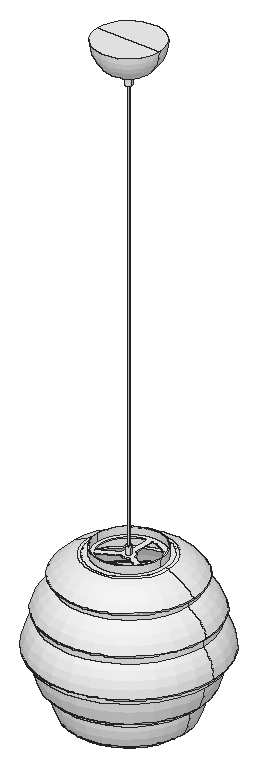
Revit family "Artek_Lighting_Pendant Light A331 “Beehive“_A331 Beehive_quick_ship", category Lighting Fixtures, Revit 2018 (continued)
Definition of nested family "A331"
  Lines and regions (mm)
    symbolic lines, detail levels fine
      curve 416: spline (1.98, 0, 109.007) -> (1.647, 0, 109.21) -> (1.337, 0, 109.807) -> (1.071, 0, 110.756) -> (0.867, 0, 111.993) -> (0.738, 0, 113.434) -> (0.694, 0, 114.979) -> (0.738, 0, 116.525) -> (0.867, 0, 117.966) -> (1.071, 0, 119.203) -> (1.337, 0, 120.152) -> (1.647, 0, 120.749) -> (1.98, 0, 120.952) -> (2.313, 0, 120.749) -> (2.623, 0, 120.152) -> (2.889, 0, 119.203) -> (3.094, 0, 117.966) -> (3.222, 0, 116.525) -> (3.266, 0, 114.979) -> (3.222, 0, 113.434) -> (3.094, 0, 111.993) -> (2.889, 0, 110.756) -> (2.623, 0, 109.807) -> (2.313, 0, 109.21) -> (1.98, 0, 109.007)
      curve 417: spline (-119.986, 0, 52.094) -> (-119.653, 0, 52.298) -> (-119.343, 0, 52.894) -> (-119.076, 0, 53.843) -> (-118.872, 0, 55.08) -> (-118.744, 0, 56.521) -> (-118.7, 0, 58.067) -> (-118.744, 0, 59.613) -> (-118.872, 0, 61.053) -> (-119.076, 0, 62.29) -> (-119.343, 0, 63.239) -> (-119.653, 0, 63.836) -> (-119.986, 0, 64.039) -> (-120.318, 0, 63.836) -> (-120.629, 0, 63.239) -> (-120.895, 0, 62.29) -> (-121.099, 0, 61.053) -> (-121.228, 0, 59.613) -> (-121.271, 0, 58.067) -> (-121.228, 0, 56.521) -> (-121.099, 0, 55.08) -> (-120.895, 0, 53.843) -> (-120.629, 0, 52.894) -> (-120.318, 0, 52.298) -> (-119.986, 0, 52.094)
      curve 418: spline (-115.914, 0, 52.094) -> (-115.581, 0, 52.298) -> (-115.271, 0, 52.894) -> (-115.005, 0, 53.843) -> (-114.801, 0, 55.08) -> (-114.672, 0, 56.521) -> (-114.628, 0, 58.067) -> (-114.672, 0, 59.613) -> (-114.801, 0, 61.053) -> (-115.005, 0, 62.29) -> (-115.271, 0, 63.239) -> (-115.581, 0, 63.836) -> (-115.914, 0, 64.039) -> (-116.247, 0, 63.836) -> (-116.557, 0, 63.239) -> (-116.823, 0, 62.29) -> (-117.028, 0, 61.053) -> (-117.156, 0, 59.613) -> (-117.2, 0, 58.067) -> (-117.156, 0, 56.521) -> (-117.028, 0, 55.08) -> (-116.823, 0, 53.843) -> (-116.557, 0, 52.894) -> (-116.247, 0, 52.298) -> (-115.914, 0, 52.094)
      curve 419: spline (-111.843, 0, 52.094) -> (-111.51, 0, 52.298) -> (-111.2, 0, 52.894) -> (-110.933, 0, 53.843) -> (-110.729, 0, 55.08) -> (-110.601, 0, 56.521) -> (-110.557, 0, 58.067) -> (-110.601, 0, 59.613) -> (-110.729, 0, 61.053) -> (-110.933, 0, 62.29) -> (-111.2, 0, 63.239) -> (-111.51, 0, 63.836) -> (-111.843, 0, 64.039) -> (-112.175, 0, 63.836) -> (-112.485, 0, 63.239) -> (-112.752, 0, 62.29) -> (-112.956, 0, 61.053) -> (-113.084, 0, 59.613) -> (-113.128, 0, 58.067) -> (-113.084, 0, 56.521) -> (-112.956, 0, 55.08) -> (-112.752, 0, 53.843) -> (-112.485, 0, 52.894) -> (-112.175, 0, 52.298) -> (-111.843, 0, 52.094)
      curve 420: spline (-107.771, 0, 52.094) -> (-107.438, 0, 52.298) -> (-107.128, 0, 52.894) -> (-106.862, 0, 53.843) -> (-106.657, 0, 55.08) -> (-106.529, 0, 56.521) -> (-106.485, 0, 58.067) -> (-106.529, 0, 59.613) -> (-106.657, 0, 61.053) -> (-106.862, 0, 62.29) -> (-107.128, 0, 63.239) -> (-107.438, 0, 63.836) -> (-107.771, 0, 64.039) -> (-108.104, 0, 63.836) -> (-108.414, 0, 63.239) -> (-108.68, 0, 62.29) -> (-108.884, 0, 61.053) -> (-109.013, 0, 59.613) -> (-109.057, 0, 58.067) -> (-109.013, 0, 56.521) -> (-108.884, 0, 55.08) -> (-108.68, 0, 53.843) -> (-108.414, 0, 52.894) -> (-108.104, 0, 52.298) -> (-107.771, 0, 52.094)
      curve 421: spline (-103.699, 0, 52.094) -> (-103.367, 0, 52.298) -> (-103.057, 0, 52.894) -> (-102.79, 0, 53.843) -> (-102.586, 0, 55.08) -> (-102.457, 0, 56.521) -> (-102.414, 0, 58.067) -> (-102.457, 0, 59.613) -> (-102.586, 0, 61.053) -> (-102.79, 0, 62.29) -> (-103.057, 0, 63.239) -> (-103.367, 0, 63.836) -> (-103.699, 0, 64.039) -> (-104.032, 0, 63.836) -> (-104.342, 0, 63.239) -> (-104.609, 0, 62.29) -> (-104.813, 0, 61.053) -> (-104.941, 0, 59.613) -> (-104.985, 0, 58.067) -> (-104.941, 0, 56.521) -> (-104.813, 0, 55.08) -> (-104.609, 0, 53.843) -> (-104.342, 0, 52.894) -> (-104.032, 0, 52.298) -> (-103.699, 0, 52.094)
      curve 422: spline (-99.628, 0, 52.094) -> (-99.295, 0, 52.298) -> (-98.985, 0, 52.894) -> (-98.719, 0, 53.843) -> (-98.514, 0, 55.08) -> (-98.386, 0, 56.521) -> (-98.342, 0, 58.067) -> (-98.386, 0, 59.613) -> (-98.514, 0, 61.053) -> (-98.719, 0, 62.29) -> (-98.985, 0, 63.239) -> (-99.295, 0, 63.836) -> (-99.628, 0, 64.039) -> (-99.961, 0, 63.836) -> (-100.271, 0, 63.239) -> (-100.537, 0, 62.29) -> (-100.741, 0, 61.053) -> (-100.87, 0, 59.613) -> (-100.914, 0, 58.067) -> (-100.87, 0, 56.521) -> (-100.741, 0, 55.08) -> (-100.537, 0, 53.843) -> (-100.271, 0, 52.894) -> (-99.961, 0, 52.298) -> (-99.628, 0, 52.094)
      curve 423: spline (-95.556, 0, 52.094) -> (-95.223, 0, 52.298) -> (-94.913, 0, 52.894) -> (-94.647, 0, 53.843) -> (-94.443, 0, 55.08) -> (-94.314, 0, 56.521) -> (-94.27, 0, 58.067) -> (-94.314, 0, 59.613) -> (-94.443, 0, 61.053) -> (-94.647, 0, 62.29) -> (-94.913, 0, 63.239) -> (-95.223, 0, 63.836) -> (-95.556, 0, 64.039) -> (-95.889, 0, 63.836) -> (-96.199, 0, 63.239) -> (-96.465, 0, 62.29) -> (-96.67, 0, 61.053) -> (-96.798, 0, 59.613) -> (-96.842, 0, 58.067) -> (-96.798, 0, 56.521) -> (-96.67, 0, 55.08) -> (-96.465, 0, 53.843) -> (-96.199, 0, 52.894) -> (-95.889, 0, 52.298) -> (-95.556, 0, 52.094)
      curve 424: spline (-91.485, 0, 52.094) -> (-91.152, 0, 52.298) -> (-90.842, 0, 52.894) -> (-90.576, 0, 53.843) -> (-90.371, 0, 55.08) -> (-90.243, 0, 56.521) -> (-90.199, 0, 58.067) -> (-90.243, 0, 59.613) -> (-90.371, 0, 61.053) -> (-90.576, 0, 62.29) -> (-90.842, 0, 63.239) -> (-91.152, 0, 63.836) -> (-91.485, 0, 64.039) -> (-91.818, 0, 63.836) -> (-92.128, 0, 63.239) -> (-92.394, 0, 62.29) -> (-92.598, 0, 61.053) -> (-92.727, 0, 59.613) -> (-92.77, 0, 58.067) -> (-92.727, 0, 56.521) -> (-92.598, 0, 55.08) -> (-92.394, 0, 53.843) -> (-92.128, 0, 52.894) -> (-91.818, 0, 52.298) -> (-91.485, 0, 52.094)
      curve 425: spline (-87.413, 0, 52.094) -> (-87.08, 0, 52.298) -> (-86.77, 0, 52.894) -> (-86.504, 0, 53.843) -> (-86.3, 0, 55.08) -> (-86.171, 0, 56.521) -> (-86.127, 0, 58.067) -> (-86.171, 0, 59.613) -> (-86.3, 0, 61.053) -> (-86.504, 0, 62.29) -> (-86.77, 0, 63.239) -> (-87.08, 0, 63.836) -> (-87.413, 0, 64.039) -> (-87.746, 0, 63.836) -> (-88.056, 0, 63.239) -> (-88.322, 0, 62.29) -> (-88.527, 0, 61.053) -> (-88.655, 0, 59.613) -> (-88.699, 0, 58.067) -> (-88.655, 0, 56.521) -> (-88.527, 0, 55.08) -> (-88.322, 0, 53.843) -> (-88.056, 0, 52.894) -> (-87.746, 0, 52.298) -> (-87.413, 0, 52.094)
      curve 426: spline (-83.342, 0, 52.094) -> (-83.009, 0, 52.298) -> (-82.699, 0, 52.894) -> (-82.432, 0, 53.843) -> (-82.228, 0, 55.08) -> (-82.1, 0, 56.521) -> (-82.056, 0, 58.067) -> (-82.1, 0, 59.613) -> (-82.228, 0, 61.053) -> (-82.432, 0, 62.29) -> (-82.699, 0, 63.239) -> (-83.009, 0, 63.836) -> (-83.342, 0, 64.039) -> (-83.674, 0, 63.836) -> (-83.984, 0, 63.239) -> (-84.251, 0, 62.29) -> (-84.455, 0, 61.053) -> (-84.584, 0, 59.613) -> (-84.627, 0, 58.067) -> (-84.584, 0, 56.521) -> (-84.455, 0, 55.08) -> (-84.251, 0, 53.843) -> (-83.984, 0, 52.894) -> (-83.674, 0, 52.298) -> (-83.342, 0, 52.094)
      curve 427: spline (-79.27, 0, 52.094) -> (-78.937, 0, 52.298) -> (-78.627, 0, 52.894) -> (-78.361, 0, 53.843) -> (-78.157, 0, 55.08) -> (-78.028, 0, 56.521) -> (-77.984, 0, 58.067) -> (-78.028, 0, 59.613) -> (-78.157, 0, 61.053) -> (-78.361, 0, 62.29) -> (-78.627, 0, 63.239) -> (-78.937, 0, 63.836) -> (-79.27, 0, 64.039) -> (-79.603, 0, 63.836) -> (-79.913, 0, 63.239) -> (-80.179, 0, 62.29) -> (-80.384, 0, 61.053) -> (-80.512, 0, 59.613) -> (-80.556, 0, 58.067) -> (-80.512, 0, 56.521) -> (-80.384, 0, 55.08) -> (-80.179, 0, 53.843) -> (-79.913, 0, 52.894) -> (-79.603, 0, 52.298) -> (-79.27, 0, 52.094)
      curve 428: spline (-75.198, 0, 52.094) -> (-74.866, 0, 52.298) -> (-74.556, 0, 52.894) -> (-74.289, 0, 53.843) -> (-74.085, 0, 55.08) -> (-73.957, 0, 56.521) -> (-73.913, 0, 58.067) -> (-73.957, 0, 59.613) -> (-74.085, 0, 61.053) -> (-74.289, 0, 62.29) -> (-74.556, 0, 63.239) -> (-74.866, 0, 63.836) -> (-75.198, 0, 64.039) -> (-75.531, 0, 63.836) -> (-75.841, 0, 63.239) -> (-76.108, 0, 62.29) -> (-76.312, 0, 61.053) -> (-76.44, 0, 59.613) -> (-76.484, 0, 58.067) -> (-76.44, 0, 56.521) -> (-76.312, 0, 55.08) -> (-76.108, 0, 53.843) -> (-75.841, 0, 52.894) -> (-75.531, 0, 52.298) -> (-75.198, 0, 52.094)
      curve 429: spline (-71.127, 0, 52.094) -> (-70.794, 0, 52.298) -> (-70.484, 0, 52.894) -> (-70.218, 0, 53.843) -> (-70.013, 0, 55.08) -> (-69.885, 0, 56.521) -> (-69.841, 0, 58.067) -> (-69.885, 0, 59.613) -> (-70.013, 0, 61.053) -> (-70.218, 0, 62.29) -> (-70.484, 0, 63.239) -> (-70.794, 0, 63.836) -> (-71.127, 0, 64.039) -> (-71.46, 0, 63.836) -> (-71.77, 0, 63.239) -> (-72.036, 0, 62.29) -> (-72.24, 0, 61.053) -> (-72.369, 0, 59.613) -> (-72.413, 0, 58.067) -> (-72.369, 0, 56.521) -> (-72.24, 0, 55.08) -> (-72.036, 0, 53.843) -> (-71.77, 0, 52.894) -> (-71.46, 0, 52.298) -> (-71.127, 0, 52.094)
      curve 430: spline (-67.055, 0, 52.094) -> (-66.723, 0, 52.298) -> (-66.412, 0, 52.894) -> (-66.146, 0, 53.843) -> (-65.942, 0, 55.08) -> (-65.813, 0, 56.521) -> (-65.77, 0, 58.067) -> (-65.813, 0, 59.613) -> (-65.942, 0, 61.053) -> (-66.146, 0, 62.29) -> (-66.412, 0, 63.239) -> (-66.723, 0, 63.836) -> (-67.055, 0, 64.039) -> (-67.388, 0, 63.836) -> (-67.698, 0, 63.239) -> (-67.965, 0, 62.29) -> (-68.169, 0, 61.053) -> (-68.297, 0, 59.613) -> (-68.341, 0, 58.067) -> (-68.297, 0, 56.521) -> (-68.169, 0, 55.08) -> (-67.965, 0, 53.843) -> (-67.698, 0, 52.894) -> (-67.388, 0, 52.298) -> (-67.055, 0, 52.094)
      curve 431: spline (-62.984, 0, 52.094) -> (-62.651, 0, 52.298) -> (-62.341, 0, 52.894) -> (-62.075, 0, 53.843) -> (-61.87, 0, 55.08) -> (-61.742, 0, 56.521) -> (-61.698, 0, 58.067) -> (-61.742, 0, 59.613) -> (-61.87, 0, 61.053) -> (-62.075, 0, 62.29) -> (-62.341, 0, 63.239) -> (-62.651, 0, 63.836) -> (-62.984, 0, 64.039) -> (-63.317, 0, 63.836) -> (-63.627, 0, 63.239) -> (-63.893, 0, 62.29) -> (-64.097, 0, 61.053) -> (-64.226, 0, 59.613) -> (-64.27, 0, 58.067) -> (-64.226, 0, 56.521) -> (-64.097, 0, 55.08) -> (-63.893, 0, 53.843) -> (-63.627, 0, 52.894) -> (-63.317, 0, 52.298) -> (-62.984, 0, 52.094)
      curve 432: spline (-58.912, 0, 52.094) -> (-58.579, 0, 52.298) -> (-58.269, 0, 52.894) -> (-58.003, 0, 53.843) -> (-57.799, 0, 55.08) -> (-57.67, 0, 56.521) -> (-57.626, 0, 58.067) -> (-57.67, 0, 59.613) -> (-57.799, 0, 61.053) -> (-58.003, 0, 62.29) -> (-58.269, 0, 63.239) -> (-58.579, 0, 63.836) -> (-58.912, 0, 64.039) -> (-59.245, 0, 63.836) -> (-59.555, 0, 63.239) -> (-59.821, 0, 62.29) -> (-60.026, 0, 61.053) -> (-60.154, 0, 59.613) -> (-60.198, 0, 58.067) -> (-60.154, 0, 56.521) -> (-60.026, 0, 55.08) -> (-59.821, 0, 53.843) -> (-59.555, 0, 52.894) -> (-59.245, 0, 52.298) -> (-58.912, 0, 52.094)
      curve 433: spline (-54.841, 0, 52.094) -> (-54.508, 0, 52.298) -> (-54.198, 0, 52.894) -> (-53.932, 0, 53.843) -> (-53.727, 0, 55.08) -> (-53.599, 0, 56.521) -> (-53.555, 0, 58.067) -> (-53.599, 0, 59.613) -> (-53.727, 0, 61.053) -> (-53.932, 0, 62.29) -> (-54.198, 0, 63.239) -> (-54.508, 0, 63.836) -> (-54.841, 0, 64.039) -> (-55.173, 0, 63.836) -> (-55.484, 0, 63.239) -> (-55.75, 0, 62.29) -> (-55.954, 0, 61.053) -> (-56.083, 0, 59.613) -> (-56.126, 0, 58.067) -> (-56.083, 0, 56.521) -> (-55.954, 0, 55.08) -> (-55.75, 0, 53.843) -> (-55.484, 0, 52.894) -> (-55.173, 0, 52.298) -> (-54.841, 0, 52.094)
      curve 434: spline (-50.769, 0, 52.094) -> (-50.436, 0, 52.298) -> (-50.126, 0, 52.894) -> (-49.86, 0, 53.843) -> (-49.656, 0, 55.08) -> (-49.527, 0, 56.521) -> (-49.483, 0, 58.067) -> (-49.527, 0, 59.613) -> (-49.656, 0, 61.053) -> (-49.86, 0, 62.29) -> (-50.126, 0, 63.239) -> (-50.436, 0, 63.836) -> (-50.769, 0, 64.039) -> (-51.102, 0, 63.836) -> (-51.412, 0, 63.239) -> (-51.678, 0, 62.29) -> (-51.883, 0, 61.053) -> (-52.011, 0, 59.613) -> (-52.055, 0, 58.067) -> (-52.011, 0, 56.521) -> (-51.883, 0, 55.08) -> (-51.678, 0, 53.843) -> (-51.412, 0, 52.894) -> (-51.102, 0, 52.298) -> (-50.769, 0, 52.094)
      curve 435: spline (-46.698, 0, 52.094) -> (-46.365, 0, 52.298) -> (-46.055, 0, 52.894) -> (-45.788, 0, 53.843) -> (-45.584, 0, 55.08) -> (-45.456, 0, 56.521) -> (-45.412, 0, 58.067) -> (-45.456, 0, 59.613) -> (-45.584, 0, 61.053) -> (-45.788, 0, 62.29) -> (-46.055, 0, 63.239) -> (-46.365, 0, 63.836) -> (-46.698, 0, 64.039) -> (-47.03, 0, 63.836) -> (-47.34, 0, 63.239) -> (-47.607, 0, 62.29) -> (-47.811, 0, 61.053) -> (-47.94, 0, 59.613) -> (-47.983, 0, 58.067) -> (-47.94, 0, 56.521) -> (-47.811, 0, 55.08) -> (-47.607, 0, 53.843) -> (-47.34, 0, 52.894) -> (-47.03, 0, 52.298) -> (-46.698, 0, 52.094)
      curve 436: spline (-42.626, 0, 52.094) -> (-42.293, 0, 52.298) -> (-41.983, 0, 52.894) -> (-41.717, 0, 53.843) -> (-41.512, 0, 55.08) -> (-41.384, 0, 56.521) -> (-41.34, 0, 58.067) -> (-41.384, 0, 59.613) -> (-41.512, 0, 61.053) -> (-41.717, 0, 62.29) -> (-41.983, 0, 63.239) -> (-42.293, 0, 63.836) -> (-42.626, 0, 64.039) -> (-42.959, 0, 63.836) -> (-43.269, 0, 63.239) -> (-43.535, 0, 62.29) -> (-43.74, 0, 61.053) -> (-43.868, 0, 59.613) -> (-43.912, 0, 58.067) -> (-43.868, 0, 56.521) -> (-43.74, 0, 55.08) -> (-43.535, 0, 53.843) -> (-43.269, 0, 52.894) -> (-42.959, 0, 52.298) -> (-42.626, 0, 52.094)
      curve 437: spline (-38.554, 0, 52.094) -> (-38.222, 0, 52.298) -> (-37.912, 0, 52.894) -> (-37.645, 0, 53.843) -> (-37.441, 0, 55.08) -> (-37.312, 0, 56.521) -> (-37.269, 0, 58.067) -> (-37.312, 0, 59.613) -> (-37.441, 0, 61.053) -> (-37.645, 0, 62.29) -> (-37.912, 0, 63.239) -> (-38.222, 0, 63.836) -> (-38.554, 0, 64.039) -> (-38.887, 0, 63.836) -> (-39.197, 0, 63.239) -> (-39.464, 0, 62.29) -> (-39.668, 0, 61.053) -> (-39.796, 0, 59.613) -> (-39.84, 0, 58.067) -> (-39.796, 0, 56.521) -> (-39.668, 0, 55.08) -> (-39.464, 0, 53.843) -> (-39.197, 0, 52.894) -> (-38.887, 0, 52.298) -> (-38.554, 0, 52.094)
      curve 438: spline (-34.483, 0, 52.094) -> (-34.15, 0, 52.298) -> (-33.84, 0, 52.894) -> (-33.574, 0, 53.843) -> (-33.369, 0, 55.08) -> (-33.241, 0, 56.521) -> (-33.197, 0, 58.067) -> (-33.241, 0, 59.613) -> (-33.369, 0, 61.053) -> (-33.574, 0, 62.29) -> (-33.84, 0, 63.239) -> (-34.15, 0, 63.836) -> (-34.483, 0, 64.039) -> (-34.816, 0, 63.836) -> (-35.126, 0, 63.239) -> (-35.392, 0, 62.29) -> (-35.596, 0, 61.053) -> (-35.725, 0, 59.613) -> (-35.769, 0, 58.067) -> (-35.725, 0, 56.521) -> (-35.596, 0, 55.08) -> (-35.392, 0, 53.843) -> (-35.126, 0, 52.894) -> (-34.816, 0, 52.298) -> (-34.483, 0, 52.094)
      curve 439: spline (-30.411, 0, 52.094) -> (-30.079, 0, 52.298) -> (-29.768, 0, 52.894) -> (-29.502, 0, 53.843) -> (-29.298, 0, 55.08) -> (-29.169, 0, 56.521) -> (-29.126, 0, 58.067) -> (-29.169, 0, 59.613) -> (-29.298, 0, 61.053) -> (-29.502, 0, 62.29) -> (-29.768, 0, 63.239) -> (-30.079, 0, 63.836) -> (-30.411, 0, 64.039) -> (-30.744, 0, 63.836) -> (-31.054, 0, 63.239) -> (-31.321, 0, 62.29) -> (-31.525, 0, 61.053) -> (-31.653, 0, 59.613) -> (-31.697, 0, 58.067) -> (-31.653, 0, 56.521) -> (-31.525, 0, 55.08) -> (-31.321, 0, 53.843) -> (-31.054, 0, 52.894) -> (-30.744, 0, 52.298) -> (-30.411, 0, 52.094)
      curve 440: spline (-26.34, 0, 52.094) -> (-26.007, 0, 52.298) -> (-25.697, 0, 52.894) -> (-25.431, 0, 53.843) -> (-25.226, 0, 55.08) -> (-25.098, 0, 56.521) -> (-25.054, 0, 58.067) -> (-25.098, 0, 59.613) -> (-25.226, 0, 61.053) -> (-25.431, 0, 62.29) -> (-25.697, 0, 63.239) -> (-26.007, 0, 63.836) -> (-26.34, 0, 64.039) -> (-26.673, 0, 63.836) -> (-26.983, 0, 63.239) -> (-27.249, 0, 62.29) -> (-27.453, 0, 61.053) -> (-27.582, 0, 59.613) -> (-27.626, 0, 58.067) -> (-27.582, 0, 56.521) -> (-27.453, 0, 55.08) -> (-27.249, 0, 53.843) -> (-26.983, 0, 52.894) -> (-26.673, 0, 52.298) -> (-26.34, 0, 52.094)
      curve 441: spline (-22.268, 0, 52.094) -> (-21.935, 0, 52.298) -> (-21.625, 0, 52.894) -> (-21.359, 0, 53.843) -> (-21.155, 0, 55.08) -> (-21.026, 0, 56.521) -> (-20.982, 0, 58.067) -> (-21.026, 0, 59.613) -> (-21.155, 0, 61.053) -> (-21.359, 0, 62.29) -> (-21.625, 0, 63.239) -> (-21.935, 0, 63.836) -> (-22.268, 0, 64.039) -> (-22.601, 0, 63.836) -> (-22.911, 0, 63.239) -> (-23.177, 0, 62.29) -> (-23.382, 0, 61.053) -> (-23.51, 0, 59.613) -> (-23.554, 0, 58.067) -> (-23.51, 0, 56.521) -> (-23.382, 0, 55.08) -> (-23.177, 0, 53.843) -> (-22.911, 0, 52.894) -> (-22.601, 0, 52.298) -> (-22.268, 0, 52.094)
      curve 442: spline (-18.197, 0, 52.094) -> (-17.864, 0, 52.298) -> (-17.554, 0, 52.894) -> (-17.287, 0, 53.843) -> (-17.083, 0, 55.08) -> (-16.955, 0, 56.521) -> (-16.911, 0, 58.067) -> (-16.955, 0, 59.613) -> (-17.083, 0, 61.053) -> (-17.287, 0, 62.29) -> (-17.554, 0, 63.239) -> (-17.864, 0, 63.836) -> (-18.197, 0, 64.039) -> (-18.529, 0, 63.836) -> (-18.84, 0, 63.239) -> (-19.106, 0, 62.29) -> (-19.31, 0, 61.053) -> (-19.439, 0, 59.613) -> (-19.482, 0, 58.067) -> (-19.439, 0, 56.521) -> (-19.31, 0, 55.08) -> (-19.106, 0, 53.843) -> (-18.84, 0, 52.894) -> (-18.529, 0, 52.298) -> (-18.197, 0, 52.094)
      curve 443: spline (-14.125, 0, 52.094) -> (-13.792, 0, 52.298) -> (-13.482, 0, 52.894) -> (-13.216, 0, 53.843) -> (-13.012, 0, 55.08) -> (-12.883, 0, 56.521) -> (-12.839, 0, 58.067) -> (-12.883, 0, 59.613) -> (-13.012, 0, 61.053) -> (-13.216, 0, 62.29) -> (-13.482, 0, 63.239) -> (-13.792, 0, 63.836) -> (-14.125, 0, 64.039) -> (-14.458, 0, 63.836) -> (-14.768, 0, 63.239) -> (-15.034, 0, 62.29) -> (-15.239, 0, 61.053) -> (-15.367, 0, 59.613) -> (-15.411, 0, 58.067) -> (-15.367, 0, 56.521) -> (-15.239, 0, 55.08) -> (-15.034, 0, 53.843) -> (-14.768, 0, 52.894) -> (-14.458, 0, 52.298) -> (-14.125, 0, 52.094)
      curve 444: spline (-10.054, 0, 52.094) -> (-9.721, 0, 52.298) -> (-9.411, 0, 52.894) -> (-9.144, 0, 53.843) -> (-8.94, 0, 55.08) -> (-8.812, 0, 56.521) -> (-8.768, 0, 58.067) -> (-8.812, 0, 59.613) -> (-8.94, 0, 61.053) -> (-9.144, 0, 62.29) -> (-9.411, 0, 63.239) -> (-9.721, 0, 63.836) -> (-10.054, 0, 64.039) -> (-10.386, 0, 63.836) -> (-10.696, 0, 63.239) -> (-10.963, 0, 62.29) -> (-11.167, 0, 61.053) -> (-11.296, 0, 59.613) -> (-11.339, 0, 58.067) -> (-11.296, 0, 56.521) -> (-11.167, 0, 55.08) -> (-10.963, 0, 53.843) -> (-10.696, 0, 52.894) -> (-10.386, 0, 52.298) -> (-10.054, 0, 52.094)
      curve 445: spline (-5.982, 0, 52.094) -> (-5.649, 0, 52.298) -> (-5.339, 0, 52.894) -> (-5.073, 0, 53.843) -> (-4.868, 0, 55.08) -> (-4.74, 0, 56.521) -> (-4.696, 0, 58.067) -> (-4.74, 0, 59.613) -> (-4.868, 0, 61.053) -> (-5.073, 0, 62.29) -> (-5.339, 0, 63.239) -> (-5.649, 0, 63.836) -> (-5.982, 0, 64.039) -> (-6.315, 0, 63.836) -> (-6.625, 0, 63.239) -> (-6.891, 0, 62.29) -> (-7.095, 0, 61.053) -> (-7.224, 0, 59.613) -> (-7.268, 0, 58.067) -> (-7.224, 0, 56.521) -> (-7.095, 0, 55.08) -> (-6.891, 0, 53.843) -> (-6.625, 0, 52.894) -> (-6.315, 0, 52.298) -> (-5.982, 0, 52.094)
      curve 446: spline (-1.91, 0, 52.094) -> (-1.578, 0, 52.298) -> (-1.268, 0, 52.894) -> (-1.001, 0, 53.843) -> (-0.797, 0, 55.08) -> (-0.668, 0, 56.521) -> (-0.625, 0, 58.067) -> (-0.668, 0, 59.613) -> (-0.797, 0, 61.053) -> (-1.001, 0, 62.29) -> (-1.268, 0, 63.239) -> (-1.578, 0, 63.836) -> (-1.91, 0, 64.039) -> (-2.243, 0, 63.836) -> (-2.553, 0, 63.239) -> (-2.82, 0, 62.29) -> (-3.024, 0, 61.053) -> (-3.152, 0, 59.613) -> (-3.196, 0, 58.067) -> (-3.152, 0, 56.521) -> (-3.024, 0, 55.08) -> (-2.82, 0, 53.843) -> (-2.553, 0, 52.894) -> (-2.243, 0, 52.298) -> (-1.91, 0, 52.094)
      curve 447: spline (119.986, 0, 52.094) -> (119.653, 0, 52.298) -> (119.343, 0, 52.894) -> (119.076, 0, 53.843) -> (118.872, 0, 55.08) -> (118.744, 0, 56.521) -> (118.7, 0, 58.067) -> (118.744, 0, 59.613) -> (118.872, 0, 61.053) -> (119.076, 0, 62.29) -> (119.343, 0, 63.239) -> (119.653, 0, 63.836) -> (119.986, 0, 64.039) -> (120.318, 0, 63.836) -> (120.629, 0, 63.239) -> (120.895, 0, 62.29) -> (121.099, 0, 61.053) -> (121.228, 0, 59.613) -> (121.271, 0, 58.067) -> (121.228, 0, 56.521) -> (121.099, 0, 55.08) -> (120.895, 0, 53.843) -> (120.629, 0, 52.894) -> (120.318, 0, 52.298) -> (119.986, 0, 52.094)
      curve 448: spline (115.914, 0, 52.094) -> (115.581, 0, 52.298) -> (115.271, 0, 52.894) -> (115.005, 0, 53.843) -> (114.801, 0, 55.08) -> (114.672, 0, 56.521) -> (114.628, 0, 58.067) -> (114.672, 0, 59.613) -> (114.801, 0, 61.053) -> (115.005, 0, 62.29) -> (115.271, 0, 63.239) -> (115.581, 0, 63.836) -> (115.914, 0, 64.039) -> (116.247, 0, 63.836) -> (116.557, 0, 63.239) -> (116.823, 0, 62.29) -> (117.028, 0, 61.053) -> (117.156, 0, 59.613) -> (117.2, 0, 58.067) -> (117.156, 0, 56.521) -> (117.028, 0, 55.08) -> (116.823, 0, 53.843) -> (116.557, 0, 52.894) -> (116.247, 0, 52.298) -> (115.914, 0, 52.094)
      curve 449: spline (111.843, 0, 52.094) -> (111.51, 0, 52.298) -> (111.2, 0, 52.894) -> (110.933, 0, 53.843) -> (110.729, 0, 55.08) -> (110.601, 0, 56.521) -> (110.557, 0, 58.067) -> (110.601, 0, 59.613) -> (110.729, 0, 61.053) -> (110.933, 0, 62.29) -> (111.2, 0, 63.239) -> (111.51, 0, 63.836) -> (111.843, 0, 64.039) -> (112.175, 0, 63.836) -> (112.485, 0, 63.239) -> (112.752, 0, 62.29) -> (112.956, 0, 61.053) -> (113.084, 0, 59.613) -> (113.128, 0, 58.067) -> (113.084, 0, 56.521) -> (112.956, 0, 55.08) -> (112.752, 0, 53.843) -> (112.485, 0, 52.894) -> (112.175, 0, 52.298) -> (111.843, 0, 52.094)
      curve 450: spline (107.771, 0, 52.094) -> (107.438, 0, 52.298) -> (107.128, 0, 52.894) -> (106.862, 0, 53.843) -> (106.657, 0, 55.08) -> (106.529, 0, 56.521) -> (106.485, 0, 58.067) -> (106.529, 0, 59.613) -> (106.657, 0, 61.053) -> (106.862, 0, 62.29) -> (107.128, 0, 63.239) -> (107.438, 0, 63.836) -> (107.771, 0, 64.039) -> (108.104, 0, 63.836) -> (108.414, 0, 63.239) -> (108.68, 0, 62.29) -> (108.884, 0, 61.053) -> (109.013, 0, 59.613) -> (109.057, 0, 58.067) -> (109.013, 0, 56.521) -> (108.884, 0, 55.08) -> (108.68, 0, 53.843) -> (108.414, 0, 52.894) -> (108.104, 0, 52.298) -> (107.771, 0, 52.094)
      curve 451: spline (103.699, 0, 52.094) -> (103.367, 0, 52.298) -> (103.057, 0, 52.894) -> (102.79, 0, 53.843) -> (102.586, 0, 55.08) -> (102.457, 0, 56.521) -> (102.414, 0, 58.067) -> (102.457, 0, 59.613) -> (102.586, 0, 61.053) -> (102.79, 0, 62.29) -> (103.057, 0, 63.239) -> (103.367, 0, 63.836) -> (103.699, 0, 64.039) -> (104.032, 0, 63.836) -> (104.342, 0, 63.239) -> (104.609, 0, 62.29) -> (104.813, 0, 61.053) -> (104.941, 0, 59.613) -> (104.985, 0, 58.067) -> (104.941, 0, 56.521) -> (104.813, 0, 55.08) -> (104.609, 0, 53.843) -> (104.342, 0, 52.894) -> (104.032, 0, 52.298) -> (103.699, 0, 52.094)
      curve 452: spline (99.628, 0, 52.094) -> (99.295, 0, 52.298) -> (98.985, 0, 52.894) -> (98.719, 0, 53.843) -> (98.514, 0, 55.08) -> (98.386, 0, 56.521) -> (98.342, 0, 58.067) -> (98.386, 0, 59.613) -> (98.514, 0, 61.053) -> (98.719, 0, 62.29) -> (98.985, 0, 63.239) -> (99.295, 0, 63.836) -> (99.628, 0, 64.039) -> (99.961, 0, 63.836) -> (100.271, 0, 63.239) -> (100.537, 0, 62.29) -> (100.741, 0, 61.053) -> (100.87, 0, 59.613) -> (100.914, 0, 58.067) -> (100.87, 0, 56.521) -> (100.741, 0, 55.08) -> (100.537, 0, 53.843) -> (100.271, 0, 52.894) -> (99.961, 0, 52.298) -> (99.628, 0, 52.094)
      curve 453: spline (95.556, 0, 52.094) -> (95.223, 0, 52.298) -> (94.913, 0, 52.894) -> (94.647, 0, 53.843) -> (94.443, 0, 55.08) -> (94.314, 0, 56.521) -> (94.27, 0, 58.067) -> (94.314, 0, 59.613) -> (94.443, 0, 61.053) -> (94.647, 0, 62.29) -> (94.913, 0, 63.239) -> (95.223, 0, 63.836) -> (95.556, 0, 64.039) -> (95.889, 0, 63.836) -> (96.199, 0, 63.239) -> (96.465, 0, 62.29) -> (96.67, 0, 61.053) -> (96.798, 0, 59.613) -> (96.842, 0, 58.067) -> (96.798, 0, 56.521) -> (96.67, 0, 55.08) -> (96.465, 0, 53.843) -> (96.199, 0, 52.894) -> (95.889, 0, 52.298) -> (95.556, 0, 52.094)
      curve 454: spline (91.485, 0, 52.094) -> (91.152, 0, 52.298) -> (90.842, 0, 52.894) -> (90.576, 0, 53.843) -> (90.371, 0, 55.08) -> (90.243, 0, 56.521) -> (90.199, 0, 58.067) -> (90.243, 0, 59.613) -> (90.371, 0, 61.053) -> (90.576, 0, 62.29) -> (90.842, 0, 63.239) -> (91.152, 0, 63.836) -> (91.485, 0, 64.039) -> (91.818, 0, 63.836) -> (92.128, 0, 63.239) -> (92.394, 0, 62.29) -> (92.598, 0, 61.053) -> (92.727, 0, 59.613) -> (92.77, 0, 58.067) -> (92.727, 0, 56.521) -> (92.598, 0, 55.08) -> (92.394, 0, 53.843) -> (92.128, 0, 52.894) -> (91.818, 0, 52.298) -> (91.485, 0, 52.094)
      curve 455: spline (87.413, 0, 52.094) -> (87.08, 0, 52.298) -> (86.77, 0, 52.894) -> (86.504, 0, 53.843) -> (86.3, 0, 55.08) -> (86.171, 0, 56.521) -> (86.127, 0, 58.067) -> (86.171, 0, 59.613) -> (86.3, 0, 61.053) -> (86.504, 0, 62.29) -> (86.77, 0, 63.239) -> (87.08, 0, 63.836) -> (87.413, 0, 64.039) -> (87.746, 0, 63.836) -> (88.056, 0, 63.239) -> (88.322, 0, 62.29) -> (88.527, 0, 61.053) -> (88.655, 0, 59.613) -> (88.699, 0, 58.067) -> (88.655, 0, 56.521) -> (88.527, 0, 55.08) -> (88.322, 0, 53.843) -> (88.056, 0, 52.894) -> (87.746, 0, 52.298) -> (87.413, 0, 52.094)
      curve 456: spline (83.342, 0, 52.094) -> (83.009, 0, 52.298) -> (82.699, 0, 52.894) -> (82.432, 0, 53.843) -> (82.228, 0, 55.08) -> (82.1, 0, 56.521) -> (82.056, 0, 58.067) -> (82.1, 0, 59.613) -> (82.228, 0, 61.053) -> (82.432, 0, 62.29) -> (82.699, 0, 63.239) -> (83.009, 0, 63.836) -> (83.342, 0, 64.039) -> (83.674, 0, 63.836) -> (83.984, 0, 63.239) -> (84.251, 0, 62.29) -> (84.455, 0, 61.053) -> (84.584, 0, 59.613) -> (84.627, 0, 58.067) -> (84.584, 0, 56.521) -> (84.455, 0, 55.08) -> (84.251, 0, 53.843) -> (83.984, 0, 52.894) -> (83.674, 0, 52.298) -> (83.342, 0, 52.094)
      curve 457: spline (79.27, 0, 52.094) -> (78.937, 0, 52.298) -> (78.627, 0, 52.894) -> (78.361, 0, 53.843) -> (78.157, 0, 55.08) -> (78.028, 0, 56.521) -> (77.984, 0, 58.067) -> (78.028, 0, 59.613) -> (78.157, 0, 61.053) -> (78.361, 0, 62.29) -> (78.627, 0, 63.239) -> (78.937, 0, 63.836) -> (79.27, 0, 64.039) -> (79.603, 0, 63.836) -> (79.913, 0, 63.239) -> (80.179, 0, 62.29) -> (80.384, 0, 61.053) -> (80.512, 0, 59.613) -> (80.556, 0, 58.067) -> (80.512, 0, 56.521) -> (80.384, 0, 55.08) -> (80.179, 0, 53.843) -> (79.913, 0, 52.894) -> (79.603, 0, 52.298) -> (79.27, 0, 52.094)
      curve 458: spline (75.198, 0, 52.094) -> (74.866, 0, 52.298) -> (74.556, 0, 52.894) -> (74.289, 0, 53.843) -> (74.085, 0, 55.08) -> (73.957, 0, 56.521) -> (73.913, 0, 58.067) -> (73.957, 0, 59.613) -> (74.085, 0, 61.053) -> (74.289, 0, 62.29) -> (74.556, 0, 63.239) -> (74.866, 0, 63.836) -> (75.198, 0, 64.039) -> (75.531, 0, 63.836) -> (75.841, 0, 63.239) -> (76.108, 0, 62.29) -> (76.312, 0, 61.053) -> (76.44, 0, 59.613) -> (76.484, 0, 58.067) -> (76.44, 0, 56.521) -> (76.312, 0, 55.08) -> (76.108, 0, 53.843) -> (75.841, 0, 52.894) -> (75.531, 0, 52.298) -> (75.198, 0, 52.094)
      curve 459: spline (71.127, 0, 52.094) -> (70.794, 0, 52.298) -> (70.484, 0, 52.894) -> (70.218, 0, 53.843) -> (70.013, 0, 55.08) -> (69.885, 0, 56.521) -> (69.841, 0, 58.067) -> (69.885, 0, 59.613) -> (70.013, 0, 61.053) -> (70.218, 0, 62.29) -> (70.484, 0, 63.239) -> (70.794, 0, 63.836) -> (71.127, 0, 64.039) -> (71.46, 0, 63.836) -> (71.77, 0, 63.239) -> (72.036, 0, 62.29) -> (72.24, 0, 61.053) -> (72.369, 0, 59.613) -> (72.413, 0, 58.067) -> (72.369, 0, 56.521) -> (72.24, 0, 55.08) -> (72.036, 0, 53.843) -> (71.77, 0, 52.894) -> (71.46, 0, 52.298) -> (71.127, 0, 52.094)
      curve 460: spline (67.055, 0, 52.094) -> (66.723, 0, 52.298) -> (66.412, 0, 52.894) -> (66.146, 0, 53.843) -> (65.942, 0, 55.08) -> (65.813, 0, 56.521) -> (65.77, 0, 58.067) -> (65.813, 0, 59.613) -> (65.942, 0, 61.053) -> (66.146, 0, 62.29) -> (66.412, 0, 63.239) -> (66.723, 0, 63.836) -> (67.055, 0, 64.039) -> (67.388, 0, 63.836) -> (67.698, 0, 63.239) -> (67.965, 0, 62.29) -> (68.169, 0, 61.053) -> (68.297, 0, 59.613) -> (68.341, 0, 58.067) -> (68.297, 0, 56.521) -> (68.169, 0, 55.08) -> (67.965, 0, 53.843) -> (67.698, 0, 52.894) -> (67.388, 0, 52.298) -> (67.055, 0, 52.094)
      curve 461: spline (62.984, 0, 52.094) -> (62.651, 0, 52.298) -> (62.341, 0, 52.894) -> (62.075, 0, 53.843) -> (61.87, 0, 55.08) -> (61.742, 0, 56.521) -> (61.698, 0, 58.067) -> (61.742, 0, 59.613) -> (61.87, 0, 61.053) -> (62.075, 0, 62.29) -> (62.341, 0, 63.239) -> (62.651, 0, 63.836) -> (62.984, 0, 64.039) -> (63.317, 0, 63.836) -> (63.627, 0, 63.239) -> (63.893, 0, 62.29) -> (64.097, 0, 61.053) -> (64.226, 0, 59.613) -> (64.27, 0, 58.067) -> (64.226, 0, 56.521) -> (64.097, 0, 55.08) -> (63.893, 0, 53.843) -> (63.627, 0, 52.894) -> (63.317, 0, 52.298) -> (62.984, 0, 52.094)
      curve 462: spline (58.912, 0, 52.094) -> (58.579, 0, 52.298) -> (58.269, 0, 52.894) -> (58.003, 0, 53.843) -> (57.799, 0, 55.08) -> (57.67, 0, 56.521) -> (57.626, 0, 58.067) -> (57.67, 0, 59.613) -> (57.799, 0, 61.053) -> (58.003, 0, 62.29) -> (58.269, 0, 63.239) -> (58.579, 0, 63.836) -> (58.912, 0, 64.039) -> (59.245, 0, 63.836) -> (59.555, 0, 63.239) -> (59.821, 0, 62.29) -> (60.026, 0, 61.053) -> (60.154, 0, 59.613) -> (60.198, 0, 58.067) -> (60.154, 0, 56.521) -> (60.026, 0, 55.08) -> (59.821, 0, 53.843) -> (59.555, 0, 52.894) -> (59.245, 0, 52.298) -> (58.912, 0, 52.094)
      curve 463: spline (54.841, 0, 52.094) -> (54.508, 0, 52.298) -> (54.198, 0, 52.894) -> (53.932, 0, 53.843) -> (53.727, 0, 55.08) -> (53.599, 0, 56.521) -> (53.555, 0, 58.067) -> (53.599, 0, 59.613) -> (53.727, 0, 61.053) -> (53.932, 0, 62.29) -> (54.198, 0, 63.239) -> (54.508, 0, 63.836) -> (54.841, 0, 64.039) -> (55.173, 0, 63.836) -> (55.484, 0, 63.239) -> (55.75, 0, 62.29) -> (55.954, 0, 61.053) -> (56.083, 0, 59.613) -> (56.126, 0, 58.067) -> (56.083, 0, 56.521) -> (55.954, 0, 55.08) -> (55.75, 0, 53.843) -> (55.484, 0, 52.894) -> (55.173, 0, 52.298) -> (54.841, 0, 52.094)
      curve 464: spline (50.769, 0, 52.094) -> (50.436, 0, 52.298) -> (50.126, 0, 52.894) -> (49.86, 0, 53.843) -> (49.656, 0, 55.08) -> (49.527, 0, 56.521) -> (49.483, 0, 58.067) -> (49.527, 0, 59.613) -> (49.656, 0, 61.053) -> (49.86, 0, 62.29) -> (50.126, 0, 63.239) -> (50.436, 0, 63.836) -> (50.769, 0, 64.039) -> (51.102, 0, 63.836) -> (51.412, 0, 63.239) -> (51.678, 0, 62.29) -> (51.883, 0, 61.053) -> (52.011, 0, 59.613) -> (52.055, 0, 58.067) -> (52.011, 0, 56.521) -> (51.883, 0, 55.08) -> (51.678, 0, 53.843) -> (51.412, 0, 52.894) -> (51.102, 0, 52.298) -> (50.769, 0, 52.094)
      curve 465: spline (46.698, 0, 52.094) -> (46.365, 0, 52.298) -> (46.055, 0, 52.894) -> (45.788, 0, 53.843) -> (45.584, 0, 55.08) -> (45.456, 0, 56.521) -> (45.412, 0, 58.067) -> (45.456, 0, 59.613) -> (45.584, 0, 61.053) -> (45.788, 0, 62.29) -> (46.055, 0, 63.239) -> (46.365, 0, 63.836) -> (46.698, 0, 64.039) -> (47.03, 0, 63.836) -> (47.34, 0, 63.239) -> (47.607, 0, 62.29) -> (47.811, 0, 61.053) -> (47.94, 0, 59.613) -> (47.983, 0, 58.067) -> (47.94, 0, 56.521) -> (47.811, 0, 55.08) -> (47.607, 0, 53.843) -> (47.34, 0, 52.894) -> (47.03, 0, 52.298) -> (46.698, 0, 52.094)
      curve 466: spline (42.626, 0, 52.094) -> (42.293, 0, 52.298) -> (41.983, 0, 52.894) -> (41.717, 0, 53.843) -> (41.512, 0, 55.08) -> (41.384, 0, 56.521) -> (41.34, 0, 58.067) -> (41.384, 0, 59.613) -> (41.512, 0, 61.053) -> (41.717, 0, 62.29) -> (41.983, 0, 63.239) -> (42.293, 0, 63.836) -> (42.626, 0, 64.039) -> (42.959, 0, 63.836) -> (43.269, 0, 63.239) -> (43.535, 0, 62.29) -> (43.74, 0, 61.053) -> (43.868, 0, 59.613) -> (43.912, 0, 58.067) -> (43.868, 0, 56.521) -> (43.74, 0, 55.08) -> (43.535, 0, 53.843) -> (43.269, 0, 52.894) -> (42.959, 0, 52.298) -> (42.626, 0, 52.094)
      curve 467: spline (38.554, 0, 52.094) -> (38.222, 0, 52.298) -> (37.912, 0, 52.894) -> (37.645, 0, 53.843) -> (37.441, 0, 55.08) -> (37.312, 0, 56.521) -> (37.269, 0, 58.067) -> (37.312, 0, 59.613) -> (37.441, 0, 61.053) -> (37.645, 0, 62.29) -> (37.912, 0, 63.239) -> (38.222, 0, 63.836) -> (38.554, 0, 64.039) -> (38.887, 0, 63.836) -> (39.197, 0, 63.239) -> (39.464, 0, 62.29) -> (39.668, 0, 61.053) -> (39.796, 0, 59.613) -> (39.84, 0, 58.067) -> (39.796, 0, 56.521) -> (39.668, 0, 55.08) -> (39.464, 0, 53.843) -> (39.197, 0, 52.894) -> (38.887, 0, 52.298) -> (38.554, 0, 52.094)
      curve 468: spline (34.483, 0, 52.094) -> (34.15, 0, 52.298) -> (33.84, 0, 52.894) -> (33.574, 0, 53.843) -> (33.369, 0, 55.08) -> (33.241, 0, 56.521) -> (33.197, 0, 58.067) -> (33.241, 0, 59.613) -> (33.369, 0, 61.053) -> (33.574, 0, 62.29) -> (33.84, 0, 63.239) -> (34.15, 0, 63.836) -> (34.483, 0, 64.039) -> (34.816, 0, 63.836) -> (35.126, 0, 63.239) -> (35.392, 0, 62.29) -> (35.596, 0, 61.053) -> (35.725, 0, 59.613) -> (35.769, 0, 58.067) -> (35.725, 0, 56.521) -> (35.596, 0, 55.08) -> (35.392, 0, 53.843) -> (35.126, 0, 52.894) -> (34.816, 0, 52.298) -> (34.483, 0, 52.094)
      curve 469: spline (30.411, 0, 52.094) -> (30.079, 0, 52.298) -> (29.768, 0, 52.894) -> (29.502, 0, 53.843) -> (29.298, 0, 55.08) -> (29.169, 0, 56.521) -> (29.126, 0, 58.067) -> (29.169, 0, 59.613) -> (29.298, 0, 61.053) -> (29.502, 0, 62.29) -> (29.768, 0, 63.239) -> (30.079, 0, 63.836) -> (30.411, 0, 64.039) -> (30.744, 0, 63.836) -> (31.054, 0, 63.239) -> (31.321, 0, 62.29) -> (31.525, 0, 61.053) -> (31.653, 0, 59.613) -> (31.697, 0, 58.067) -> (31.653, 0, 56.521) -> (31.525, 0, 55.08) -> (31.321, 0, 53.843) -> (31.054, 0, 52.894) -> (30.744, 0, 52.298) -> (30.411, 0, 52.094)
      curve 470: spline (26.34, 0, 52.094) -> (26.007, 0, 52.298) -> (25.697, 0, 52.894) -> (25.431, 0, 53.843) -> (25.226, 0, 55.08) -> (25.098, 0, 56.521) -> (25.054, 0, 58.067) -> (25.098, 0, 59.613) -> (25.226, 0, 61.053) -> (25.431, 0, 62.29) -> (25.697, 0, 63.239) -> (26.007, 0, 63.836) -> (26.34, 0, 64.039) -> (26.673, 0, 63.836) -> (26.983, 0, 63.239) -> (27.249, 0, 62.29) -> (27.453, 0, 61.053) -> (27.582, 0, 59.613) -> (27.626, 0, 58.067) -> (27.582, 0, 56.521) -> (27.453, 0, 55.08) -> (27.249, 0, 53.843) -> (26.983, 0, 52.894) -> (26.673, 0, 52.298) -> (26.34, 0, 52.094)
      curve 471: spline (22.268, 0, 52.094) -> (21.935, 0, 52.298) -> (21.625, 0, 52.894) -> (21.359, 0, 53.843) -> (21.155, 0, 55.08) -> (21.026, 0, 56.521) -> (20.982, 0, 58.067) -> (21.026, 0, 59.613) -> (21.155, 0, 61.053) -> (21.359, 0, 62.29) -> (21.625, 0, 63.239) -> (21.935, 0, 63.836) -> (22.268, 0, 64.039) -> (22.601, 0, 63.836) -> (22.911, 0, 63.239) -> (23.177, 0, 62.29) -> (23.382, 0, 61.053) -> (23.51, 0, 59.613) -> (23.554, 0, 58.067) -> (23.51, 0, 56.521) -> (23.382, 0, 55.08) -> (23.177, 0, 53.843) -> (22.911, 0, 52.894) -> (22.601, 0, 52.298) -> (22.268, 0, 52.094)
      curve 472: spline (18.197, 0, 52.094) -> (17.864, 0, 52.298) -> (17.554, 0, 52.894) -> (17.287, 0, 53.843) -> (17.083, 0, 55.08) -> (16.955, 0, 56.521) -> (16.911, 0, 58.067) -> (16.955, 0, 59.613) -> (17.083, 0, 61.053) -> (17.287, 0, 62.29) -> (17.554, 0, 63.239) -> (17.864, 0, 63.836) -> (18.197, 0, 64.039) -> (18.529, 0, 63.836) -> (18.84, 0, 63.239) -> (19.106, 0, 62.29) -> (19.31, 0, 61.053) -> (19.439, 0, 59.613) -> (19.482, 0, 58.067) -> (19.439, 0, 56.521) -> (19.31, 0, 55.08) -> (19.106, 0, 53.843) -> (18.84, 0, 52.894) -> (18.529, 0, 52.298) -> (18.197, 0, 52.094)
      curve 473: spline (14.125, 0, 52.094) -> (13.792, 0, 52.298) -> (13.482, 0, 52.894) -> (13.216, 0, 53.843) -> (13.012, 0, 55.08) -> (12.883, 0, 56.521) -> (12.839, 0, 58.067) -> (12.883, 0, 59.613) -> (13.012, 0, 61.053) -> (13.216, 0, 62.29) -> (13.482, 0, 63.239) -> (13.792, 0, 63.836) -> (14.125, 0, 64.039) -> (14.458, 0, 63.836) -> (14.768, 0, 63.239) -> (15.034, 0, 62.29) -> (15.239, 0, 61.053) -> (15.367, 0, 59.613) -> (15.411, 0, 58.067) -> (15.367, 0, 56.521) -> (15.239, 0, 55.08) -> (15.034, 0, 53.843) -> (14.768, 0, 52.894) -> (14.458, 0, 52.298) -> (14.125, 0, 52.094)
      curve 474: spline (10.054, 0, 52.094) -> (9.721, 0, 52.298) -> (9.411, 0, 52.894) -> (9.144, 0, 53.843) -> (8.94, 0, 55.08) -> (8.812, 0, 56.521) -> (8.768, 0, 58.067) -> (8.812, 0, 59.613) -> (8.94, 0, 61.053) -> (9.144, 0, 62.29) -> (9.411, 0, 63.239) -> (9.721, 0, 63.836) -> (10.054, 0, 64.039) -> (10.386, 0, 63.836) -> (10.696, 0, 63.239) -> (10.963, 0, 62.29) -> (11.167, 0, 61.053) -> (11.296, 0, 59.613) -> (11.339, 0, 58.067) -> (11.296, 0, 56.521) -> (11.167, 0, 55.08) -> (10.963, 0, 53.843) -> (10.696, 0, 52.894) -> (10.386, 0, 52.298) -> (10.054, 0, 52.094)
      curve 475: spline (5.982, 0, 52.094) -> (5.649, 0, 52.298) -> (5.339, 0, 52.894) -> (5.073, 0, 53.843) -> (4.868, 0, 55.08) -> (4.74, 0, 56.521) -> (4.696, 0, 58.067) -> (4.74, 0, 59.613) -> (4.868, 0, 61.053) -> (5.073, 0, 62.29) -> (5.339, 0, 63.239) -> (5.649, 0, 63.836) -> (5.982, 0, 64.039) -> (6.315, 0, 63.836) -> (6.625, 0, 63.239) -> (6.891, 0, 62.29) -> (7.095, 0, 61.053) -> (7.224, 0, 59.613) -> (7.268, 0, 58.067) -> (7.224, 0, 56.521) -> (7.095, 0, 55.08) -> (6.891, 0, 53.843) -> (6.625, 0, 52.894) -> (6.315, 0, 52.298) -> (5.982, 0, 52.094)
      curve 476: spline (1.91, 0, 52.094) -> (1.578, 0, 52.298) -> (1.268, 0, 52.894) -> (1.001, 0, 53.843) -> (0.797, 0, 55.08) -> (0.668, 0, 56.521) -> (0.625, 0, 58.067) -> (0.668, 0, 59.613) -> (0.797, 0, 61.053) -> (1.001, 0, 62.29) -> (1.268, 0, 63.239) -> (1.578, 0, 63.836) -> (1.91, 0, 64.039) -> (2.243, 0, 63.836) -> (2.553, 0, 63.239) -> (2.82, 0, 62.29) -> (3.024, 0, 61.053) -> (3.152, 0, 59.613) -> (3.196, 0, 58.067) -> (3.152, 0, 56.521) -> (3.024, 0, 55.08) -> (2.82, 0, 53.843) -> (2.553, 0, 52.894) -> (2.243, 0, 52.298) -> (1.91, 0, 52.094)
      curve 477: spline (-91.685, 0, 1.009) -> (-91.352, 0, 1.213) -> (-91.042, 0, 1.81) -> (-90.776, 0, 2.759) -> (-90.572, 0, 3.996) -> (-90.443, 0, 5.436) -> (-90.399, 0, 6.982) -> (-90.443, 0, 8.528) -> (-90.572, 0, 9.968) -> (-90.776, 0, 11.205) -> (-91.042, 0, 12.155) -> (-91.352, 0, 12.751) -> (-91.685, 0, 12.955) -> (-92.018, 0, 12.751) -> (-92.328, 0, 12.155) -> (-92.594, 0, 11.205) -> (-92.799, 0, 9.968) -> (-92.927, 0, 8.528) -> (-92.971, 0, 6.982) -> (-92.927, 0, 5.436) -> (-92.799, 0, 3.996) -> (-92.594, 0, 2.759) -> (-92.328, 0, 1.81) -> (-92.018, 0, 1.213) -> (-91.685, 0, 1.009)
      curve 478: spline (-87.614, 0, 1.009) -> (-87.281, 0, 1.213) -> (-86.971, 0, 1.81) -> (-86.705, 0, 2.759) -> (-86.5, 0, 3.996) -> (-86.372, 0, 5.436) -> (-86.328, 0, 6.982) -> (-86.372, 0, 8.528) -> (-86.5, 0, 9.968) -> (-86.705, 0, 11.205) -> (-86.971, 0, 12.155) -> (-87.281, 0, 12.751) -> (-87.614, 0, 12.955) -> (-87.946, 0, 12.751) -> (-88.257, 0, 12.155) -> (-88.523, 0, 11.205) -> (-88.727, 0, 9.968) -> (-88.856, 0, 8.528) -> (-88.899, 0, 6.982) -> (-88.856, 0, 5.436) -> (-88.727, 0, 3.996) -> (-88.523, 0, 2.759) -> (-88.257, 0, 1.81) -> (-87.946, 0, 1.213) -> (-87.614, 0, 1.009)
      curve 479: spline (-83.542, 0, 1.009) -> (-83.209, 0, 1.213) -> (-82.899, 0, 1.81) -> (-82.633, 0, 2.759) -> (-82.429, 0, 3.996) -> (-82.3, 0, 5.436) -> (-82.256, 0, 6.982) -> (-82.3, 0, 8.528) -> (-82.429, 0, 9.968) -> (-82.633, 0, 11.205) -> (-82.899, 0, 12.155) -> (-83.209, 0, 12.751) -> (-83.542, 0, 12.955) -> (-83.875, 0, 12.751) -> (-84.185, 0, 12.155) -> (-84.451, 0, 11.205) -> (-84.656, 0, 9.968) -> (-84.784, 0, 8.528) -> (-84.828, 0, 6.982) -> (-84.784, 0, 5.436) -> (-84.656, 0, 3.996) -> (-84.451, 0, 2.759) -> (-84.185, 0, 1.81) -> (-83.875, 0, 1.213) -> (-83.542, 0, 1.009)
      curve 480: spline (-79.471, 0, 1.009) -> (-79.138, 0, 1.213) -> (-78.828, 0, 1.81) -> (-78.561, 0, 2.759) -> (-78.357, 0, 3.996) -> (-78.229, 0, 5.436) -> (-78.185, 0, 6.982) -> (-78.229, 0, 8.528) -> (-78.357, 0, 9.968) -> (-78.561, 0, 11.205) -> (-78.828, 0, 12.155) -> (-79.138, 0, 12.751) -> (-79.471, 0, 12.955) -> (-79.803, 0, 12.751) -> (-80.113, 0, 12.155) -> (-80.38, 0, 11.205) -> (-80.584, 0, 9.968) -> (-80.713, 0, 8.528) -> (-80.756, 0, 6.982) -> (-80.713, 0, 5.436) -> (-80.584, 0, 3.996) -> (-80.38, 0, 2.759) -> (-80.113, 0, 1.81) -> (-79.803, 0, 1.213) -> (-79.471, 0, 1.009)
      curve 481: spline (-75.399, 0, 1.009) -> (-75.066, 0, 1.213) -> (-74.756, 0, 1.81) -> (-74.49, 0, 2.759) -> (-74.286, 0, 3.996) -> (-74.157, 0, 5.436) -> (-74.113, 0, 6.982) -> (-74.157, 0, 8.528) -> (-74.286, 0, 9.968) -> (-74.49, 0, 11.205) -> (-74.756, 0, 12.155) -> (-75.066, 0, 12.751) -> (-75.399, 0, 12.955) -> (-75.732, 0, 12.751) -> (-76.042, 0, 12.155) -> (-76.308, 0, 11.205) -> (-76.513, 0, 9.968) -> (-76.641, 0, 8.528) -> (-76.685, 0, 6.982) -> (-76.641, 0, 5.436) -> (-76.513, 0, 3.996) -> (-76.308, 0, 2.759) -> (-76.042, 0, 1.81) -> (-75.732, 0, 1.213) -> (-75.399, 0, 1.009)
      curve 482: spline (-71.327, 0, 1.009) -> (-70.995, 0, 1.213) -> (-70.685, 0, 1.81) -> (-70.418, 0, 2.759) -> (-70.214, 0, 3.996) -> (-70.085, 0, 5.436) -> (-70.042, 0, 6.982) -> (-70.085, 0, 8.528) -> (-70.214, 0, 9.968) -> (-70.418, 0, 11.205) -> (-70.685, 0, 12.155) -> (-70.995, 0, 12.751) -> (-71.327, 0, 12.955) -> (-71.66, 0, 12.751) -> (-71.97, 0, 12.155) -> (-72.237, 0, 11.205) -> (-72.441, 0, 9.968) -> (-72.569, 0, 8.528) -> (-72.613, 0, 6.982) -> (-72.569, 0, 5.436) -> (-72.441, 0, 3.996) -> (-72.237, 0, 2.759) -> (-71.97, 0, 1.81) -> (-71.66, 0, 1.213) -> (-71.327, 0, 1.009)
      curve 483: spline (-67.256, 0, 1.009) -> (-66.923, 0, 1.213) -> (-66.613, 0, 1.81) -> (-66.347, 0, 2.759) -> (-66.142, 0, 3.996) -> (-66.014, 0, 5.436) -> (-65.97, 0, 6.982) -> (-66.014, 0, 8.528) -> (-66.142, 0, 9.968) -> (-66.347, 0, 11.205) -> (-66.613, 0, 12.155) -> (-66.923, 0, 12.751) -> (-67.256, 0, 12.955) -> (-67.589, 0, 12.751) -> (-67.899, 0, 12.155) -> (-68.165, 0, 11.205) -> (-68.369, 0, 9.968) -> (-68.498, 0, 8.528) -> (-68.542, 0, 6.982) -> (-68.498, 0, 5.436) -> (-68.369, 0, 3.996) -> (-68.165, 0, 2.759) -> (-67.899, 0, 1.81) -> (-67.589, 0, 1.213) -> (-67.256, 0, 1.009)
      curve 484: spline (-63.184, 0, 1.009) -> (-62.852, 0, 1.213) -> (-62.541, 0, 1.81) -> (-62.275, 0, 2.759) -> (-62.071, 0, 3.996) -> (-61.942, 0, 5.436) -> (-61.899, 0, 6.982) -> (-61.942, 0, 8.528) -> (-62.071, 0, 9.968) -> (-62.275, 0, 11.205) -> (-62.541, 0, 12.155) -> (-62.852, 0, 12.751) -> (-63.184, 0, 12.955) -> (-63.517, 0, 12.751) -> (-63.827, 0, 12.155) -> (-64.094, 0, 11.205) -> (-64.298, 0, 9.968) -> (-64.426, 0, 8.528) -> (-64.47, 0, 6.982) -> (-64.426, 0, 5.436) -> (-64.298, 0, 3.996) -> (-64.094, 0, 2.759) -> (-63.827, 0, 1.81) -> (-63.517, 0, 1.213) -> (-63.184, 0, 1.009)
      curve 485: spline (-59.113, 0, 1.009) -> (-58.78, 0, 1.213) -> (-58.47, 0, 1.81) -> (-58.204, 0, 2.759) -> (-57.999, 0, 3.996) -> (-57.871, 0, 5.436) -> (-57.827, 0, 6.982) -> (-57.871, 0, 8.528) -> (-57.999, 0, 9.968) -> (-58.204, 0, 11.205) -> (-58.47, 0, 12.155) -> (-58.78, 0, 12.751) -> (-59.113, 0, 12.955) -> (-59.446, 0, 12.751) -> (-59.756, 0, 12.155) -> (-60.022, 0, 11.205) -> (-60.226, 0, 9.968) -> (-60.355, 0, 8.528) -> (-60.399, 0, 6.982) -> (-60.355, 0, 5.436) -> (-60.226, 0, 3.996) -> (-60.022, 0, 2.759) -> (-59.756, 0, 1.81) -> (-59.446, 0, 1.213) -> (-59.113, 0, 1.009)
      curve 486: spline (-55.041, 0, 1.009) -> (-54.708, 0, 1.213) -> (-54.398, 0, 1.81) -> (-54.132, 0, 2.759) -> (-53.928, 0, 3.996) -> (-53.799, 0, 5.436) -> (-53.755, 0, 6.982) -> (-53.799, 0, 8.528) -> (-53.928, 0, 9.968) -> (-54.132, 0, 11.205) -> (-54.398, 0, 12.155) -> (-54.708, 0, 12.751) -> (-55.041, 0, 12.955) -> (-55.374, 0, 12.751) -> (-55.684, 0, 12.155) -> (-55.95, 0, 11.205) -> (-56.155, 0, 9.968) -> (-56.283, 0, 8.528) -> (-56.327, 0, 6.982) -> (-56.283, 0, 5.436) -> (-56.155, 0, 3.996) -> (-55.95, 0, 2.759) -> (-55.684, 0, 1.81) -> (-55.374, 0, 1.213) -> (-55.041, 0, 1.009)
      curve 487: spline (-50.97, 0, 1.009) -> (-50.637, 0, 1.213) -> (-50.327, 0, 1.81) -> (-50.06, 0, 2.759) -> (-49.856, 0, 3.996) -> (-49.728, 0, 5.436) -> (-49.684, 0, 6.982) -> (-49.728, 0, 8.528) -> (-49.856, 0, 9.968) -> (-50.06, 0, 11.205) -> (-50.327, 0, 12.155) -> (-50.637, 0, 12.751) -> (-50.97, 0, 12.955) -> (-51.302, 0, 12.751) -> (-51.613, 0, 12.155) -> (-51.879, 0, 11.205) -> (-52.083, 0, 9.968) -> (-52.212, 0, 8.528) -> (-52.255, 0, 6.982) -> (-52.212, 0, 5.436) -> (-52.083, 0, 3.996) -> (-51.879, 0, 2.759) -> (-51.613, 0, 1.81) -> (-51.302, 0, 1.213) -> (-50.97, 0, 1.009)
      curve 488: spline (-46.898, 0, 1.009) -> (-46.565, 0, 1.213) -> (-46.255, 0, 1.81) -> (-45.989, 0, 2.759) -> (-45.785, 0, 3.996) -> (-45.656, 0, 5.436) -> (-45.612, 0, 6.982) -> (-45.656, 0, 8.528) -> (-45.785, 0, 9.968) -> (-45.989, 0, 11.205) -> (-46.255, 0, 12.155) -> (-46.565, 0, 12.751) -> (-46.898, 0, 12.955) -> (-47.231, 0, 12.751) -> (-47.541, 0, 12.155) -> (-47.807, 0, 11.205) -> (-48.012, 0, 9.968) -> (-48.14, 0, 8.528) -> (-48.184, 0, 6.982) -> (-48.14, 0, 5.436) -> (-48.012, 0, 3.996) -> (-47.807, 0, 2.759) -> (-47.541, 0, 1.81) -> (-47.231, 0, 1.213) -> (-46.898, 0, 1.009)
      curve 489: spline (-42.827, 0, 1.009) -> (-42.494, 0, 1.213) -> (-42.184, 0, 1.81) -> (-41.917, 0, 2.759) -> (-41.713, 0, 3.996) -> (-41.585, 0, 5.436) -> (-41.541, 0, 6.982) -> (-41.585, 0, 8.528) -> (-41.713, 0, 9.968) -> (-41.917, 0, 11.205) -> (-42.184, 0, 12.155) -> (-42.494, 0, 12.751) -> (-42.827, 0, 12.955) -> (-43.159, 0, 12.751) -> (-43.469, 0, 12.155) -> (-43.736, 0, 11.205) -> (-43.94, 0, 9.968) -> (-44.069, 0, 8.528) -> (-44.112, 0, 6.982) -> (-44.069, 0, 5.436) -> (-43.94, 0, 3.996) -> (-43.736, 0, 2.759) -> (-43.469, 0, 1.81) -> (-43.159, 0, 1.213) -> (-42.827, 0, 1.009)
      curve 490: spline (-38.755, 0, 1.009) -> (-38.422, 0, 1.213) -> (-38.112, 0, 1.81) -> (-37.846, 0, 2.759) -> (-37.641, 0, 3.996) -> (-37.513, 0, 5.436) -> (-37.469, 0, 6.982) -> (-37.513, 0, 8.528) -> (-37.641, 0, 9.968) -> (-37.846, 0, 11.205) -> (-38.112, 0, 12.155) -> (-38.422, 0, 12.751) -> (-38.755, 0, 12.955) -> (-39.088, 0, 12.751) -> (-39.398, 0, 12.155) -> (-39.664, 0, 11.205) -> (-39.869, 0, 9.968) -> (-39.997, 0, 8.528) -> (-40.041, 0, 6.982) -> (-39.997, 0, 5.436) -> (-39.869, 0, 3.996) -> (-39.664, 0, 2.759) -> (-39.398, 0, 1.81) -> (-39.088, 0, 1.213) -> (-38.755, 0, 1.009)
      curve 491: spline (-34.683, 0, 1.009) -> (-34.351, 0, 1.213) -> (-34.041, 0, 1.81) -> (-33.774, 0, 2.759) -> (-33.57, 0, 3.996) -> (-33.441, 0, 5.436) -> (-33.398, 0, 6.982) -> (-33.441, 0, 8.528) -> (-33.57, 0, 9.968) -> (-33.774, 0, 11.205) -> (-34.041, 0, 12.155) -> (-34.351, 0, 12.751) -> (-34.683, 0, 12.955) -> (-35.016, 0, 12.751) -> (-35.326, 0, 12.155) -> (-35.593, 0, 11.205) -> (-35.797, 0, 9.968) -> (-35.925, 0, 8.528) -> (-35.969, 0, 6.982) -> (-35.925, 0, 5.436) -> (-35.797, 0, 3.996) -> (-35.593, 0, 2.759) -> (-35.326, 0, 1.81) -> (-35.016, 0, 1.213) -> (-34.683, 0, 1.009)
      curve 492: spline (-30.612, 0, 1.009) -> (-30.279, 0, 1.213) -> (-29.969, 0, 1.81) -> (-29.703, 0, 2.759) -> (-29.498, 0, 3.996) -> (-29.37, 0, 5.436) -> (-29.326, 0, 6.982) -> (-29.37, 0, 8.528) -> (-29.498, 0, 9.968) -> (-29.703, 0, 11.205) -> (-29.969, 0, 12.155) -> (-30.279, 0, 12.751) -> (-30.612, 0, 12.955) -> (-30.945, 0, 12.751) -> (-31.255, 0, 12.155) -> (-31.521, 0, 11.205) -> (-31.725, 0, 9.968) -> (-31.854, 0, 8.528) -> (-31.898, 0, 6.982) -> (-31.854, 0, 5.436) -> (-31.725, 0, 3.996) -> (-31.521, 0, 2.759) -> (-31.255, 0, 1.81) -> (-30.945, 0, 1.213) -> (-30.612, 0, 1.009)
      curve 493: spline (-26.54, 0, 1.009) -> (-26.208, 0, 1.213) -> (-25.897, 0, 1.81) -> (-25.631, 0, 2.759) -> (-25.427, 0, 3.996) -> (-25.298, 0, 5.436) -> (-25.255, 0, 6.982) -> (-25.298, 0, 8.528) -> (-25.427, 0, 9.968) -> (-25.631, 0, 11.205) -> (-25.897, 0, 12.155) -> (-26.208, 0, 12.751) -> (-26.54, 0, 12.955) -> (-26.873, 0, 12.751) -> (-27.183, 0, 12.155) -> (-27.449, 0, 11.205) -> (-27.654, 0, 9.968) -> (-27.782, 0, 8.528) -> (-27.826, 0, 6.982) -> (-27.782, 0, 5.436) -> (-27.654, 0, 3.996) -> (-27.449, 0, 2.759) -> (-27.183, 0, 1.81) -> (-26.873, 0, 1.213) -> (-26.54, 0, 1.009)
      curve 494: spline (-22.469, 0, 1.009) -> (-22.136, 0, 1.213) -> (-21.826, 0, 1.81) -> (-21.56, 0, 2.759) -> (-21.355, 0, 3.996) -> (-21.227, 0, 5.436) -> (-21.183, 0, 6.982) -> (-21.227, 0, 8.528) -> (-21.355, 0, 9.968) -> (-21.56, 0, 11.205) -> (-21.826, 0, 12.155) -> (-22.136, 0, 12.751) -> (-22.469, 0, 12.955) -> (-22.802, 0, 12.751) -> (-23.112, 0, 12.155) -> (-23.378, 0, 11.205) -> (-23.582, 0, 9.968) -> (-23.711, 0, 8.528) -> (-23.755, 0, 6.982) -> (-23.711, 0, 5.436) -> (-23.582, 0, 3.996) -> (-23.378, 0, 2.759) -> (-23.112, 0, 1.81) -> (-22.802, 0, 1.213) -> (-22.469, 0, 1.009)
